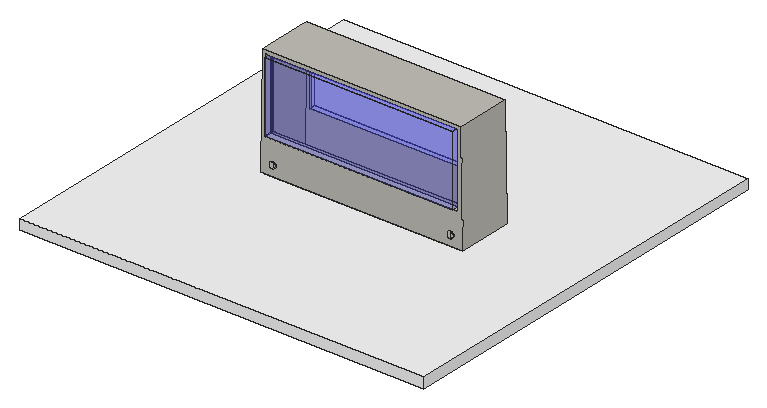
Revit family "BE_12277.4_de_DE", category Leuchten, Revit 2020
Family settings
  Basisbauteil = Fläche
  Bemaßung runder Anschluss = Durchmesser verwenden
  Teiletyp = Normal
  Beim Laden mit Abzugskörper schneiden = Ja
  Lichtquelle = Ja
  Gemeinsam genutzt = Nein
  Raumberechnungspunkt = Ja
Parameters (values of type "BEGA_12277.4_K3")
  built-in parameter 1150104 = 13.652 (stored number, unit not read)
  Wattage = 8.2 W
  Default Elevation = 0 mm
  built-in parameter 1150113 = 1 (stored number, unit not read)
  built-in parameter 1114218 = 1 (stored number, unit not read)
  Umgebungstemperatur = "25 °C"
  URL = "https://www.bega.com/de/produkt/12277.4"
  Typenkommentare = "© 2022 BEGA. Wir behalten uns das Recht vor, technische Änderungen ohne vorherige Ankündigung vorzunehmen."  # constant formula
  built-in parameter 1150134 = (empty or 0)
  built-in parameter 1150109 = 1 (stored number, unit not read)
  built-in parameter 1150110 = 1 (stored number, unit not read)
  Spannung = 239.996 V
  Sonderanfertigung = no
  Seriennummer [instance] = "Hier können Sie die eindeutige Seriennummer für das Facility Management eintragen."
  Schutzklasse = "I"
  Schutzart = "IP 20"
  Scheinlast = 0 VA
  Produktdatenblatt = "https://cdn.bega.com/bega/products/12277.4K3/current/documents/data-sheets/de"
  Neigungswinkel = 0.00°
  Modell = "12277.4K3"
  Material_33 = BEGA_Oberfläche_Palladium_matt
  Material_11 = BEGA_Glas_opal
  Material_06 = BEGA_Oberfläche_Edelstahl_gebürstet
  Material_03 = BEGA_Oberfläche_Weiss_matt
  M_W = no
  M_G = no
  M_A = no
  Logo = 0
  built-in parameter 1114217 = 1 (stored number, unit not read)
  built-in parameter 1150139 = (empty or 0)
  built-in parameter 1150105 = 95.89 (stored number, unit not read)
  built-in parameter 1150114 = 1 (stored number, unit not read)
  Lumens = 1204.99 lm
  built-in parameter 1150115 = 1 (stored number, unit not read)
  Leuchtenlichtstrom = "674 lm"
  Lebensdauerkriterien = "L70B50 @ 25 °C = 132000 h"
  Lastklassifizierung = Beleuchtung
  built-in parameter 1150112 = 1 (stored number, unit not read)
  Lampenlichtstrom = "1205 lm"
  Lampe = "LED 8.2 W"
  LED_Modulbezeichnung = "LED-0598/930"
  Hersteller = "BEGA"  # constant formula
  Gewicht = "1.1 kg"
  Frequenz = "0/50-60 Hz"
  Farbwiedergabeindex = "CRI > 90"
  Farbtemperaturverschiebung bei Dämpfen der Lampe = <Keine Auswahl>
  Farbtemperatur = "3000 K"
  Color Filter = 16777215
  built-in parameter 1150133 = 10 (stored number, unit not read)
  Energieeffizienzklasse = "LED A++ - A"
  built-in parameter 1150137 = (empty or 0)
  built-in parameter 1150132 = (empty or 0)
  ENEC = "ja"
  Dimmbar [instance] = "on/off"
  Datei für fotometrisches Netz = "BE_12277K3.IES"
  CE_Konformität = "ja"
  Bestellnummer = "12277.4K3"
  Beschreibung_Sonderanfertigung = "Hier können Sie Informationen zur Sonderanfertigung eintragen."
  Beschreibung = "Wandleuchte"
  built-in parameter 1150106 = 0.9589 (stored number, unit not read)
  Befestigungsbohrung = "Ø 4,5 mm"
  Befestigungsabstand = "176 mm"
  BEGA_Intern_aus = yes
  BEGA_Intern_an = yes
  BEGA_Intern_Konstruktion = yes
  BEGA_Intern = yes
  BEGA_IES = yes
  BEGA_Dummy = no
  Anschlussleistung [instance] = "10.5 W"
  built-in parameter 1150107 = 3000 (stored number, unit not read)
  built-in parameter 1150102 = (empty or 0)
  built-in parameter 1150138 = (empty or 0)
  Aktualisierung = "2022-11-10T04:00:03"
  AC/DC = "AC/DC"
Reference planes
  plane 1 "Mitte (Vorne/Hinten)": y = 0
  plane 2: z = 0
  plane 3 "Mitte (Links/Rechts)": x = 0
  plane 4 "Links": x = -100
  plane 5 "Rechts": x = 100
  plane 6 "Unten": y = -31.2
  plane 7 "Oben": y = 31.2
  plane 8 "Vorne": z = 110
  plane 9 "Hinten": z = 0
Forms (mm)
  Extrusion 1, solid, material "BEGA_Platte_Weiss"
    sketch origin (0, -1119.2, 0) x (1, 0, 0) y (0, 1, 0)
      loop
        line (-200, 1319.2) -> (-200, 919.2) -> (200, 919.2) -> (200, 1319.2) -> (-200, 1319.2)
    from 0 to -10
  Extrusion 2, solid, material "BEGA_Dummy_matt", visible <- "BEGA_Dummy"
    sketch origin (80.095, -76.023, 0) x (1, 0, 0) y (0, 1, 0)
      loop
        line (-180.095, 107.223) -> (-180.095, 44.823) -> (19.905, 44.823) -> (19.905, 107.223) -> (-180.095, 107.223)
    from 0 to 110
Dimensions and locks
  plane 1 "Mitte (Vorne/Hinten)" to Extrusion 1 = 200 mm
  aligned and locked: Extrusion 1 to plane 2
  aligned and locked: Extrusion 1 to level
Nested families
  nested 1: "BE_12277.4_Leuchte" at (0, 0, 0), type "BE_12277.4_Leuchte"
Connectors
  electrical at (0, 0, 0), driven by "Lastklassifizierung", driven by "Spannung", driven by "Scheinlast"
    settings: index 1, voltage 239.996 V, apparent load 0 VA, apparent load phase1 0 VA, apparent load phase2 0 VA, apparent load phase3 0 VA, power factor 1, load classification "Beleuchtung", number of poles 1, system type 31, power factor state 1, is connector primary yes, connector utility no, sub classification motor no, connector description ""
Definition of nested family "BE_12277.4_Leuchte"
  Parameters (values of type "BE_12277.4_Leuchte")
    Default Elevation = 1 mm
    URL = "http://www.bega.de/de/produkt"
    Type Comments = "© 2015 BEGA. Wir behalten uns das Recht vor, technische Änderungen ohne vorherige Ankündigung vorzunehmen. "  # constant formula
    Type Image = (empty or 0)
    Neigungswinkel_um_Z2 = 0.00°
    Neigungswinkel_um_Z1 = 0.00°
    Neigungswinkel_um_Y2 = 0.00°
    Neigungswinkel_um_Y1 = 0.00°
    Neigungswinkel_um_X2 = 0.00°
    Neigungswinkel_um_X1 = 0.00°
    Material_33 = none
    Material_11 = none
    Material_06 = none
    Material_03 = none
    M_W = yes
    M_G = yes
    M_A = yes
    Länge_Platte = 300 mm  # constant formula
    Höhe_Platte = -10 mm  # constant formula
    Manufacturer = "BEGA"  # constant formula
    Drehwinkel_um_Z2 = 0.00°
    Drehwinkel_um_Z1 = 0.00°
    Breite_Platte = 200 mm  # constant formula
  Reference planes
    plane 1 "Mitte (Oben/Unten)": y = 0
    plane 2: z = 0
    plane 3 "Mitte (Links/Rechts)": x = 0
    plane 4: x = -100
    plane 5: z = 110
    plane 6: x = 100
    plane 7: y = -31.2
    plane 8: y = 31.2
  Forms (mm)
    Extrusion 1, solid, detail levels medium
      sketch origin (0, 0, 0) x (1, 0, 0) y (0, 1, 0)
        loop
          line (-150, 100) -> (-150, -100) -> (150, -100) -> (150, 100) -> (-150, 100)
      from 0 to -10 <- "Höhe_Platte"
    Extrusion 2, solid, material <- "Material_33", detail levels medium+fine
      sketch origin (0, 0, 0) x (1, 0, 0) y (0, 0, 1)
        loop
          line (-98.097, 110) -> (-100, 1) -> (-99, 1) -> (-96.951, 2.844) -> (-94.21, 107.5) -> (94.211, 107.5) -> (96.951, 2.844) -> (99, 1) -> (100, 1) -> (98.097, 110) -> (-98.097, 110)
      from -27.5 to 27.5
    Extrusion 3, solid, material <- "Material_33", detail levels medium+fine
      sketch origin (0, 0, 0) x (1, 0, 0) y (0, 0, 1)
        loop
          line (98.097, 110) -> (-98.097, 110) -> (-100, 1) -> (100, 1) -> (98.097, 110)
      from -27.5 to -23.02
    Extrusion 4, solid, material <- "Material_33", detail levels medium+fine
      sketch origin (0, 0, 0) x (1, 0, 0) y (0, 0, -1)
        loop
          line (98.097, -110) -> (100, -1) -> (-100, -1) -> (-98.097, -110) -> (98.097, -110)
      from -27.5 to -22.952
    Extrusion 5, void
      sketch origin (0, 0, 0) x (0, 1, 0) y (0, 0, 1)
        loop
          line (29.71, 104.057) -> (-30, 104.057) -> (-30, 37.397) -> (29.71, 37.397) -> (29.71, 104.057)
      from -91.202 to 91.361
    Extrusion 6, void
      sketch origin (0, 0, 0) x (1, 0, 0) y (0, 1, 0)
        loop
          circle (-58, 10) r 8
        loop
          circle (-38, 10) r 8
        loop
          arc (-90.25, -2.75) -> (-88, -5) -> (-85.75, -2.75) r 2.25
          line (-85.75, -2.75) -> (-85.75, 2.75)
          arc (-85.75, 2.75) -> (-88, 5) -> (-90.25, 2.75) r 2.25
          line (-90.25, 2.75) -> (-90.25, -2.75)
        loop
          arc (90.75, -2.25) -> (93, 0) -> (90.75, 2.25) r 2.25
          line (90.75, 2.25) -> (85.25, 2.25)
          arc (85.25, 2.25) -> (83, 0) -> (85.25, -2.25) r 2.25
          line (85.25, -2.25) -> (90.75, -2.25)
      from 0 to 4.5
    Extrusion 7, solid, material <- "Material_03", detail levels medium+fine
      sketch origin (0, 0, 0) x (0, 1, 0) y (0, 0, 1)
        loop
          line (27, 0) -> (27, 1) -> (24.5, 1)
          arc (24.5, 1) -> (23.923, 1.184) -> (23.557, 1.667) r 1
          arc (23.557, 1.667) -> (22.826, 2.633) -> (21.672, 3) r 2
          line (21.672, 3) -> (-21.672, 3)
          arc (-21.672, 3) -> (-22.826, 2.633) -> (-23.557, 1.667) r 2
          arc (-23.557, 1.667) -> (-23.923, 1.184) -> (-24.5, 1) r 1
          line (-24.5, 1) -> (-27, 1) -> (-27, 0) -> (-24.5, 0)
          arc (-24.5, 0) -> (-23.345, 0.367) -> (-22.614, 1.333) r 2
          arc (-22.614, 1.333) -> (-22.249, 1.816) -> (-21.672, 2) r 1
          line (-21.672, 2) -> (21.672, 2)
          arc (21.672, 2) -> (22.249, 1.816) -> (22.614, 1.333) r 1
          arc (22.614, 1.333) -> (23.345, 0.367) -> (24.5, 0) r 2
          line (24.5, 0) -> (27, 0)
      from -96.534 to 96.5
    Revolve 8, solid, material <- "Material_06", detail levels fine
      sketch origin (-88, 0, 0) x (0, 1, 0) y (0, 0, 1)
        loop
          line (-19.529, 10.861) -> (-19.477, 13.86) -> (-27.532, 14.001) -> (-27.584, 11.001) -> (-19.529, 10.861)
        axis (-19.529, 10.861) -> (-27.584, 11.001)
      angle from 0 to 360
    Revolve 9, solid, material <- "Material_06", detail levels fine
      sketch origin (88, 0, 0) x (0, 1, 0) y (0, 0, -1)
        loop
          line (-19.529, -10.861) -> (-27.584, -11.001) -> (-27.532, -14.001) -> (-19.477, -13.86) -> (-19.529, -10.861)
        axis (-19.529, -10.861) -> (-27.584, -11.001)
      angle from 0 to 360
    Sweep 10, void
      path origin (0, 0, 0) x (1, 0, 0) y (0, 0, 1)
        loop
          line (91.281, 104.057) -> (-91.281, 104.057) -> (-91.281, 37.397) -> (91.281, 37.397) -> (91.281, 104.057)
      profile origin (0, 0, 104.057) x (0, 0, -1) y (0, -1, 0)
        loop
          line (-1.878, 23.2) -> (21.239, 23.2) -> (21.239, 29.023) -> (-3.997, 29.023) -> (-1.878, 23.2)
    Extrusion 11, solid, material <- "Material_11", detail levels medium+fine
      sketch origin (0, 0, 0) x (0, -1, 0) y (0, 0, -1)
        loop
          line (31.2, -106) -> (31.2, -35.5) -> (23.2, -35.5) -> (23.2, -106) -> (31.2, -106)
      from -93.159 to 93.159
    Extrusion 12, solid, material <- "Material_11", detail levels medium+fine
      sketch origin (0, 0, 0) x (0, 1, 0) y (0, 0, 1)
        loop
          line (31.2, 106) -> (23.2, 106) -> (23.2, 35.5) -> (31.2, 35.5) -> (31.2, 106)
      from -93.159 to 93.159
    Sweep 13, void
      path origin (0, 0, 0) x (1, 0, 0) y (0, 0, -1)
        loop
          line (91.281, -104.057) -> (91.281, -37.397) -> (-91.281, -37.397) -> (-91.281, -104.057) -> (91.281, -104.057)
      profile origin (0, 0, 104.057) x (0, 0, 1) y (0, 1, 0)
        loop
          line (1.878, 23.2) -> (3.997, 29.023) -> (-21.239, 29.023) -> (-21.239, 23.2) -> (1.878, 23.2)
  Cuts and joins
    Extrusion 5, Sweep 10, Sweep 13 cuts Extrusion 2
    Extrusion 5, Sweep 10, Sweep 13 cuts Extrusion 3
    Extrusion 5, Sweep 10, Sweep 13 cuts Extrusion 4
    joined: Extrusion 2, Extrusion 3, Extrusion 4
    Extrusion 6 cuts Extrusion 7
    Sweep 13 cuts Extrusion 11
  Dimensions and locks
    equal spacing: Extrusion 1 sketch curve, plane 3 "Mitte (Links/Rechts)", Extrusion 1 sketch curve
    equal spacing: Extrusion 1 sketch curve, plane 1 "Mitte (Oben/Unten)", Extrusion 1 sketch curve
    "Länge_Platte": Extrusion 1 sketch curve to Extrusion 1 sketch curve
    "Breite_Platte": Extrusion 1 sketch curve to Extrusion 1 sketch curve
    aligned and locked: plane 2 to Extrusion 1
    aligned and locked: level to Extrusion 1
  Automatic sketch dimensions
    level to Extrusion 2 sketch curve = 1 mm  (x2)
    Extrusion 2 sketch curve to plane 3 "Mitte (Links/Rechts)" = 100 mm
    Extrusion 2 sketch curve to Extrusion 2 sketch curve = 1 mm  (x2)
    Extrusion 2 sketch curve to plane 3 "Mitte (Links/Rechts)" = 98.097 mm
    level to Extrusion 2 sketch curve = 2.844 mm  (x2)
    Extrusion 2 sketch curve to Extrusion 2 sketch curve = 2.048 mm  (x2)
    Extrusion 2 sketch curve to Extrusion 2 sketch curve = 3.887 mm  (x2)
    plane 3 "Mitte (Links/Rechts)" to Extrusion 2 sketch curve = 94.211 mm
    plane 3 "Mitte (Links/Rechts)" to Extrusion 2 sketch curve = 96.951 mm
    Extrusion 2 sketch curve to Extrusion 2 sketch curve = 2.5 mm
    level to Extrusion 3 sketch curve = 1 mm
    Extrusion 3 sketch curve to plane 3 "Mitte (Links/Rechts)" = 100 mm
    Extrusion 3 sketch curve to plane 3 "Mitte (Links/Rechts)" = 98.097 mm
    plane 3 "Mitte (Links/Rechts)" to Extrusion 3 sketch curve = 98.097 mm
    plane 3 "Mitte (Links/Rechts)" to Extrusion 3 sketch curve = 100 mm
    level to Extrusion 4 sketch curve = 1 mm
    Extrusion 4 sketch curve to plane 3 "Mitte (Links/Rechts)" = 100 mm
    Extrusion 4 sketch curve to plane 3 "Mitte (Links/Rechts)" = 98.097 mm
    plane 3 "Mitte (Links/Rechts)" to Extrusion 4 sketch curve = 98.097 mm
    plane 3 "Mitte (Links/Rechts)" to Extrusion 4 sketch curve = 100 mm
    plane 1 "Mitte (Oben/Unten)" to Extrusion 5 sketch curve = 30 mm
    Extrusion 5 sketch curve to plane 1 "Mitte (Oben/Unten)" = 29.71 mm
    level to Extrusion 5 sketch curve = 37.397 mm
    Extrusion 5 sketch curve to Extrusion 5 sketch curve = 66.66 mm
    plane 1 "Mitte (Oben/Unten)" to Extrusion 6 sketch curve = 0 mm
    plane 1 "Mitte (Oben/Unten)" to Extrusion 6 sketch curve = 2.75 mm
    Extrusion 6 sketch curve to plane 3 "Mitte (Links/Rechts)" = 90.25 mm
    Extrusion 6 sketch curve to Extrusion 6 sketch curve = 2.25 mm
    Extrusion 6 sketch curve to plane 1 "Mitte (Oben/Unten)" = 10 mm  (x2)
    Extrusion 6 sketch curve to Extrusion 6 sketch curve = 27.75 mm
    Extrusion 6 sketch curve to Extrusion 6 sketch curve = 20 mm
    plane 1 "Mitte (Oben/Unten)" to Extrusion 6 sketch curve = 2.25 mm
    plane 3 "Mitte (Links/Rechts)" to Extrusion 6 sketch curve = 85.25 mm
    Extrusion 6 sketch curve to Extrusion 6 sketch curve = 5.5 mm
    Extrusion 6 sketch curve to plane 1 "Mitte (Oben/Unten)" = 2.75 mm
    Extrusion 7 sketch curve to Extrusion 7 sketch curve = 0 mm  (x12)
    Extrusion 7 sketch curve to level = 0 mm  (x2)
    level to Extrusion 7 sketch curve = 1 mm  (x4)
    plane 1 "Mitte (Oben/Unten)" to Extrusion 7 sketch curve = 27 mm
    Extrusion 7 sketch curve to Extrusion 7 sketch curve = 2.5 mm  (x2)
    Extrusion 7 sketch curve to Extrusion 7 sketch curve = 2.828 mm  (x2)
    level to Extrusion 7 sketch curve = 3 mm
    Extrusion 7 sketch curve to plane 1 "Mitte (Oben/Unten)" = 21.672 mm
    Extrusion 7 sketch curve to Extrusion 7 sketch curve = 1 mm  (x3)
    Extrusion 7 sketch curve to Extrusion 7 sketch curve = 0.943 mm  (x4)
    level to Revolve 8 sketch curve = 11.001 mm
    plane 1 "Mitte (Oben/Unten)" to Revolve 8 sketch curve = 27.584 mm
    Revolve 8 sketch curve to Revolve 8 sketch curve = 0.052 mm  (x2)
    Revolve 8 sketch curve to Revolve 8 sketch curve = 8.055 mm
    Revolve 8 sketch curve to Revolve 8 sketch curve = 0.141 mm
    Revolve 8 sketch curve to Revolve 8 sketch curve = 3 mm
    Revolve 8 sketch curve to Revolve 8 sketch curve = 2.999 mm
    level to Revolve 8 sketch curve = 10.912 mm
    Revolve 8 sketch curve to Revolve 8 sketch curve = 2.905 mm
    Revolve 8 sketch curve to Revolve 8 sketch curve = 6.963 mm
    Revolve 8 sketch curve to Revolve 8 sketch curve = 0.122 mm
    level to Revolve 9 sketch curve = 11.001 mm
    plane 1 "Mitte (Oben/Unten)" to Revolve 9 sketch curve = 27.584 mm
    Revolve 9 sketch curve to Revolve 9 sketch curve = 0.052 mm  (x2)
    Revolve 9 sketch curve to Revolve 9 sketch curve = 8.055 mm
    Revolve 9 sketch curve to Revolve 9 sketch curve = 2.859 mm
    Revolve 9 sketch curve to Revolve 9 sketch curve = 2.999 mm
    Revolve 9 sketch curve to Revolve 9 sketch curve = 3 mm
    level to Revolve 9 sketch curve = 10.912 mm
    Revolve 9 sketch curve to Revolve 9 sketch curve = 2.905 mm
    Revolve 9 sketch curve to Revolve 9 sketch curve = 6.963 mm
    Revolve 9 sketch curve to Revolve 9 sketch curve = 0.122 mm
    Sweep 10 sketch curve to plane 3 "Mitte (Links/Rechts)" = 91.281 mm
    level to Sweep 10 sketch curve = 37.397 mm
    plane 3 "Mitte (Links/Rechts)" to Sweep 10 sketch curve = 91.281 mm
    Sweep 10 sketch curve to Sweep 10 sketch curve = 66.66 mm
    profile plane to Sweep 10 sketch curve = 3.997 mm
    profile plane to Sweep 10 sketch curve = 1.878 mm
    Sweep 10 sketch curve to profile plane = 21.239 mm
    plane 1 "Mitte (Oben/Unten)" to Sweep 10 sketch curve = 23.2 mm
    Sweep 10 sketch curve to Sweep 10 sketch curve = 5.823 mm
    Extrusion 11 sketch curve to plane 1 "Mitte (Oben/Unten)" = 23.2 mm
    Extrusion 11 sketch curve to Extrusion 11 sketch curve = 8 mm
    Extrusion 11 sketch curve to level = 35.5 mm
    Extrusion 11 sketch curve to Extrusion 11 sketch curve = 70.5 mm
    Extrusion 12 sketch curve to plane 1 "Mitte (Oben/Unten)" = 23.2 mm
    Extrusion 12 sketch curve to Extrusion 12 sketch curve = 8 mm
    level to Extrusion 12 sketch curve = 35.5 mm
    Extrusion 12 sketch curve to Extrusion 12 sketch curve = 70.5 mm
    Sweep 13 sketch curve to plane 3 "Mitte (Links/Rechts)" = 91.281 mm
    level to Sweep 13 sketch curve = 37.397 mm
    plane 3 "Mitte (Links/Rechts)" to Sweep 13 sketch curve = 91.281 mm
    Sweep 13 sketch curve to Sweep 13 sketch curve = 66.66 mm
    profile plane to Sweep 13 sketch curve = 21.239 mm
    Sweep 13 sketch curve to profile plane = 1.878 mm
    Sweep 13 sketch curve to profile plane = 3.997 mm
    profile plane to Sweep 13 sketch curve = 23.2 mm
    Sweep 13 sketch curve to Sweep 13 sketch curve = 5.823 mm
    Extrusion 2 sketch curve to Extrusion 2 sketch curve = 104.656 mm
    Extrusion 3 sketch curve to Extrusion 3 sketch curve = 109 mm
    Extrusion 4 sketch curve to Extrusion 4 sketch curve = 109 mm
    radius of Extrusion 6 sketch curve = 8 mm  (x2)
